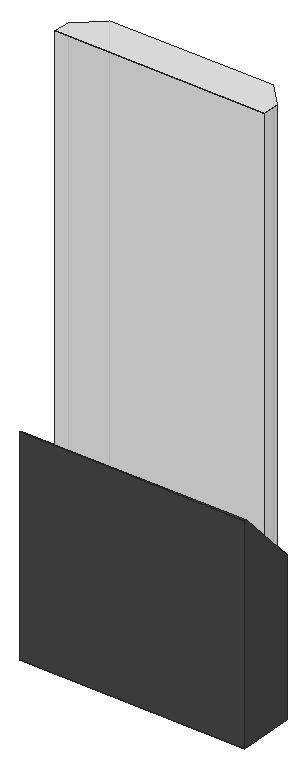
Revit family "3-755-xx - Esprit Sconce", category Lighting Fixtures, host Wall, Revit 2018
Family settings
  Host = Wall
  Round Connector Dimension = Use Diameter
  Part Type = Normal
  OmniClass Number = 23.80.70.00
  OmniClass Title = Lighting
  Always vertical = Yes
  Cut with Voids When Loaded = No
  Light Source = Yes
  Shared = No
  Room Calculation Point = No
Parameters (values of type "3-755-15 / Black - Clear Bubble Glass")
  Wattage Comments = "1 x 6.0 W at 120 V"  # constant formula
  Wattage = 9.2903 W
  built-in parameter 1150110 = 1 (stored number, unit not read)
  Voltage Input = "120 V or 277 V - 50/60 Hz"  # constant formula
  Voltage = 120 V
  URL = "www.oxygenlighting.com"
  built-in parameter 1114217 = 1 (stored number, unit not read)
  built-in parameter 1150109 = 1 (stored number, unit not read)
  built-in parameter 1150134 = (empty or 0)
  built-in parameter 1150113 = 1 (stored number, unit not read)
  References = "Ref. 3 = 120 V / Ref. 37 = 277 V"  # constant formula
  Model = "3-755-xx / Esprit Sconce"  # constant formula
  Metal Finish = 15 - Black
  Manufacturer = "Oxygen Lighting and Fans"  # constant formula
  Main Diffuser = Clear Bubble Glass
  Lumens = 1380 lm
  built-in parameter 1150115 = 1 (stored number, unit not read)
  built-in parameter 1150105 = 109.82 (stored number, unit not read)
  Light Source Symbol Size = 24.00"
  built-in parameter 1150137 = (empty or 0)
  built-in parameter 1150139 = (empty or 0)
  built-in parameter 1150112 = 1 (stored number, unit not read)
  built-in parameter 1150114 = 1 (stored number, unit not read)
  Lamp = "LED Array"  # constant formula
  built-in parameter 1150132 = 2
  built-in parameter 1150102 = (empty or 0)
  built-in parameter 1150138 = (empty or 0)
  built-in parameter 1150107 = 3000 (stored number, unit not read)
  built-in parameter 1150106 = 1.0982 (stored number, unit not read)
  built-in parameter 1150104 = 13.8 (stored number, unit not read)
  Dimming Lamp Color Temperature Shift = <None>
  Color Filter = 16777215
  built-in parameter 1114218 = 1 (stored number, unit not read)
  built-in parameter 1150133 = 10 (stored number, unit not read)
Reference planes (in)
  plane 1: y = 0
  plane 2 "Light Source Axis (L/R)": x = 4.92126
  plane 3 "Light Source Axis (F/R)": y = 4.33071
  plane 4 "Light Source Elevation": z = 35.43307
Text (in)
  text "Placement side" at (-70.3598, 43.96769, 0), in view "Ref. Level"
  text "Placement side" at (0, 83.08644, 117.56134), in view "Left"
  text "Placement side" at (0, 24.74324, 118.58137), in view "Right"
Dimensions and locks (in)
  locked: plane 3 "Light Source Axis (F/R)" to nested 1 at 0.59055
  aligned and locked: plane 1 to host wall
  aligned and locked: plane 2 "Light Source Axis (L/R)" to imposter light
  aligned and locked: plane 3 "Light Source Axis (F/R)" to imposter light
  aligned and locked: plane 4 "Light Source Elevation" to imposter light
  aligned and locked: plane 2 "Light Source Axis (L/R)" to nested 1
  aligned and locked: nested 1 to plane 4 "Light Source Elevation"
  aligned and locked: nested 1 to host wall
Nested families (in)
  nested 1: "Base" at (4.92126, 2.95276, 31.2269), type "Base"
Connectors (in)
  electrical at (4.92126, 2.95276, 33.7269), driven by "Voltage"
    settings: on nested 1, index 1, voltage 120 V, apparent load 0 VA, apparent load phase1 0 VA, apparent load phase2 0 VA, apparent load phase3 0 VA, power factor 1, load classification "Other", number of poles 1, system type 31, power factor state 1, is connector primary yes, connector utility no, sub classification motor no, connector description ""
Definition of nested family "Base"
  Parameters (values of type "Base")
    Metal Finish = none
    Main Diffuser = none
  Reference planes (in)
    plane 1 "Center (Front/Back)": y = 0
    plane 2: z = 0
    plane 3 "Center (Left/Right)": x = 0
  Forms (in)
    Extrusion 1, solid, material <- "Metal Finish"
      sketch origin (-4.92126, -2.95276, 3.50389) x (1, 0, 0) y (0, 1, 0)
        loop
          line (6.98819, 4.92126) -> (2.85433, 4.92126) -> (2.19976, 4.26669) -> (2.16535, 2.95276) -> (7.67717, 2.95276) -> (7.64276, 4.26669) -> (6.98819, 4.92126)
      from -3.50389 to 1.49611
    Extrusion 2, void
      sketch origin (0, -2.95276, -67.36225) x (0, 1, 0) y (0, 0, 1)
        loop
          line (4.92126, 67.41379) -> (2.95276, 67.36225) -> (4.92126, 67.36225) -> (4.92126, 67.41379)
      from -3.15827 to 2.75591
    Extrusion 3, void
      sketch origin (0, -2.95276, -67.36225) x (0, 1, 0) y (0, 0, 1)
        loop
          line (2.99213, 72.36225) -> (4.92126, 70.315) -> (4.92126, 72.36225) -> (2.99213, 72.36225)
      from -2.75509 to 2.75509
    Extrusion 4, solid, material <- "Main Diffuser"
      sketch origin (-4.92126, -2.95276, 3.50389) x (1, 0, 0) y (0, 1, 0)
        loop
          line (7.48698, 4.19976) -> (6.92296, 4.76378) -> (2.91956, 4.76378) -> (2.35554, 4.19976) -> (2.34454, 3.77953) -> (7.49798, 3.77953) -> (7.48698, 4.19976)
      from -1.47634 to 10.00004
    Extrusion 5, void
      sketch origin (-4.92126, -2.95276, 3.50389) x (1, 0, 0) y (0, 1, 0)
        loop
          line (2.90325, 4.80315) -> (2.3166, 4.21649) -> (2.30412, 3.74016) -> (7.5384, 3.74016) -> (7.52592, 4.21649) -> (6.93927, 4.80315) -> (2.90325, 4.80315)
      from -1.47634 to 1.69296
  Cuts and joins
    Extrusion 2, Extrusion 3, Extrusion 5 cuts Extrusion 1
  Dimensions and locks (in)
    aligned and locked: level to plane 2
